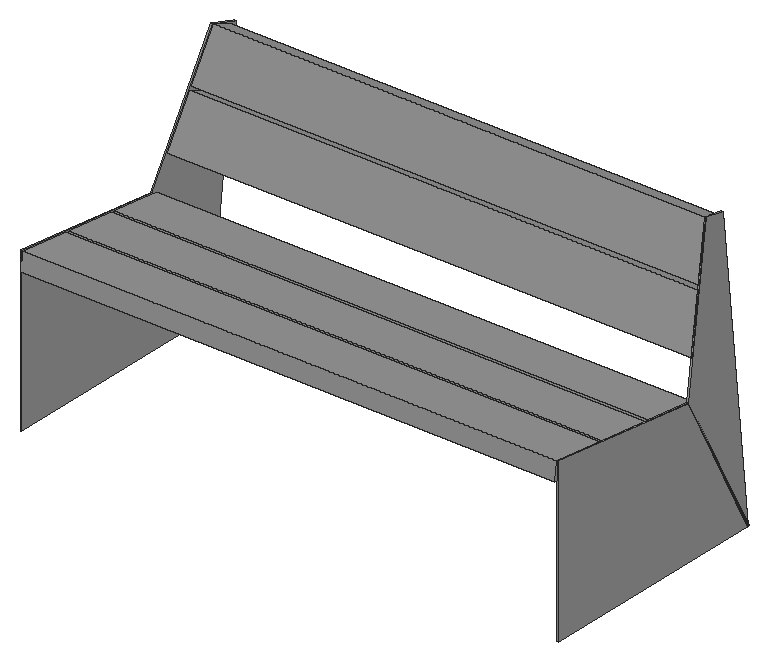
Revit family "Скамейка стальная «Монс» Арт 13872", category Антураж, Revit 2018
Family settings
  На основе рабочей плоскости = Нет
  Всегда вертикально = Да
  При загрузке вырезать с полостями = Нет
  Источник визуального образа = Геометрия семейства
  Общий = Нет
  Точка расчета площади = Нет
Parameters (values of type "Версия 1,5 м (со спинкой)")
  Ширина = if(or([Версия 0,6 м (кресло)], [Версия 1,5 м (со спинкой)], [Версия 1,8 м (со спинкой)]), 670 mm, 470 mm)  # 670 mm
  Цвет опоры = Сталь
  Цвет лавки = Дерево
  Описание = if([Версия 0,6 м (кресло)], "Скамейка стальная «Монс». Версия 0,6 м (кресло со спинкой)", if([Версия 1,5 м (со спинкой)], "Скамейка стальная «Монс». Версия 1,5 м (со спинкой)", if([Версия 1,8 м (со спинкой)], "Скамейка стальная «Монс». Версия 1,8 м (со спинкой)", if([Версия 1,5 м (без спинки)], "Скамейка стальная «Монс». Версия 1,5 м (без спинки)", "Скамейка стальная «Монс». Версия 1,8 м (без спинки)"))))  # "Скамейка стальная «Монс». Версия 1,5 м (со спинкой)"
  Материал изделия = "Сталь, дерево"  # constant formula
  Изображение типоразмера = Скамейка стальная «Монс» Арт 13872 со спинки.jpg
  Изготовитель = "ООО «Хоббика»"  # constant formula
  Длина = if([Версия 0,6 м (кресло)], 600 mm, if(or([Версия 1,5 м (со спинкой)], [Версия 1,5 м (без спинки)]), 1500 mm, 1800 mm))  # 1500 mm
  Группа модели = "Скамейки"  # constant formula
  Высота = if(or([Версия 0,6 м (кресло)], [Версия 1,5 м (со спинкой)], [Версия 1,8 м (со спинкой)]), 790 mm, 450 mm)  # 790 mm
  Версия 1,8 м (без спинки) = not(or([Версия 0,6 м (кресло)], [Версия 1,5 м (со спинкой)], [Версия 1,8 м (со спинкой)], [Версия 1,5 м (без спинки)]))  # no
  Версия 1,5 м (со спинкой) = yes
  Версия 1,8 м (со спинкой) = no
  Версия 1,5 м (без спинки) = no
  Версия 0,6 м (кресло) = no
  Артикул товара = "Арт. 13872"  # constant formula
  URL = "https://hobbyka.ru/product/skameyka_stalnaya_mons_/"
Types (6, lengths in mm): name | Ширина | Описание | Изображение типоразмера | Длина | Высота | Версия 1,8 м (без спинки) | Версия 1,5 м (со спинкой) | Версия 1,8 м (со спинкой) | Версия 1,5 м (без спинки) | Версия 0,6 м (кресло)
  (no name) | 670 | "Скамейка стальная «Монс». Версия 1,5 м (со спинкой)" | Скамейка стальная «Монс» Арт 13872 со спинки.jpg | 1500 | 790 | no | yes | no | no | no
  Версия 0,6 м (кресло со спинкой) | 670 | "Скамейка стальная «Монс». Версия 0,6 м (кресло со спинкой)" | Скамейка стальная «Монс» Арт 13872 со спинки.jpg | 600 | 790 | no | no | no | no | yes
  Версия 1,5 м (со спинкой) | 670 | "Скамейка стальная «Монс». Версия 1,5 м (со спинкой)" | Скамейка стальная «Монс» Арт 13872 со спинки.jpg | 1500 | 790 | no | yes | no | no | no
  Версия 1,8 м (со спинкой) | 670 | "Скамейка стальная «Монс». Версия 1,8 м (со спинкой)" | Скамейка стальная «Монс» Арт 13872 со спинки.jpg | 1800 | 790 | no | no | yes | no | no
  Версия 1,5 м (без спинки) | 470 | "Скамейка стальная «Монс». Версия 1,5 м (без спинки)" | Скамейка стальная «Монс» Арт 13872 без спинки.jpg | 1500 | 450 | no | no | no | yes | no
  Версия 1,8 м (без спинки) | 470 | "Скамейка стальная «Монс». Версия 1,8 м (без спинки)" | Скамейка стальная «Монс» Арт 13872 без спинки.jpg | 1800 | 450 | yes | no | no | no | no
Reference planes
  plane 1 "По центру (Вперед/Назад)": y = 0
  plane 2: z = 0
  plane 3 "По центру (Влево/Вправо)": x = 0
  plane 4: y = 670
  plane 5: x = 1500
Dimensions and locks
  "Длина": plane 3 "По центру (Влево/Вправо)" to plane 5
  "Ширина": plane 4 to plane 1 "По центру (Вперед/Назад)"
  aligned and locked: level to plane 2
Nested families
  nested 1: "Скамейка стальная «Монс» Арт 13872 со спинки" at (0, 0, 0), visible <- "Версия 1,5 м (со спинкой)", type "Версия 1,5 м с"
  nested 2: "Скамейка стальная «Монс» Арт 13872 со спинки" at (0, 0, 0), visible <- "Версия 0,6 м (кресло)", type "Версия 0,6 м (кресло)"
  nested 3: "Скамейка стальная «Монс» Арт 13872 со спинки" at (0, 0, 0), visible <- "Версия 1,8 м (со спинкой)", type "Версия 1,8 м с"
  nested 4: "Скамейка стальная «Монс» Арт 13872 без спинки" at (0, 0, 0), visible <- "Версия 1,5 м (без спинки)", type "Версия 1,5 м бс"
  nested 5: "Скамейка стальная «Монс» Арт 13872 без спинки" at (0, 0, 0), visible <- "Версия 1,8 м (без спинки)", type "Версия 1,8 м бс"
Definition of nested family "Скамейка стальная «Монс» Арт 13872 со спинки"
  Parameters (values of type "Версия 0,6 м (кресло)")
    Ширина = 670 mm  # constant formula
    Цвет опоры = none
    Цвет лавки = none
    Длина = if([Версия 0,6 м (кресло)], 600 mm, if([Версия 1,5 м с], 1500 mm, 1800 mm))  # 600 mm
    Height = 790 mm  # constant formula
    Версия 1,8 м с = not(or([Версия 0,6 м (кресло)], [Версия 1,5 м с]))  # no
    Версия 1,5 м с = no
    Версия 0,6 м (кресло) = yes
  Types (4, lengths in mm): name | Длина | Версия 1,8 м с | Версия 1,5 м с | Версия 0,6 м (кресло)
    (no name) | 600 | no | no | yes
    Версия 1,5 м с | 1500 | no | yes | no
    Версия 1,8 м с | 1800 | yes | no | no
    Версия 0,6 м (кресло) | 600 | no | no | yes
  Reference planes
    plane 1 "По центру (Вперед/Назад)": y = 0
    plane 2: z = 0
    plane 3 "По центру (Влево/Вправо)": x = 0
    plane 4: x = 600
    plane 5: y = 670
    plane 6: z = 790
  Forms (mm)
    Extrusion 1, solid, material <- "Цвет лавки"
      sketch origin (0, -54.118, 3.266) x (1, 0, 0) y (0, 0.992742, -0.120262)
        loop
          line (5, 0) -> (595, 0) -> (595, 150) -> (5, 150) -> (5, 0)
        loop
          line (5, 160) -> (595, 160) -> (595, 310) -> (5, 310) -> (5, 160)
        loop
          line (5, 320) -> (595, 320) -> (595, 470) -> (5, 470) -> (5, 320)
      from 400 to 450
    Extrusion 2, solid, material <- "Цвет лавки"
      sketch origin (0, 855.92, 185.335) x (1, 0, 0) y (0, 0.336422, 0.941711)
        loop
          line (5, 160) -> (595, 160) -> (595, 310) -> (5, 310) -> (5, 160)
        loop
          line (5, 320) -> (595, 320) -> (595, 470) -> (5, 470) -> (5, 320)
      from 400 to 450
    Extrusion 3, void
      sketch origin (74.208, 655.987, 759.777) x (-0.143594, -0.951251, 0.27295) y (-0.132265, -0.254887, -0.957882)
        loop
          line (10.731, 0) -> (91.557, 0) -> (117.507, 311.712) -> (31.065, 318.909) -> (10.731, 0)
      from 0 to -250
    Extrusion 4, void
      sketch origin (525.792, 655.987, 759.777) x (0.132265, -0.254887, -0.957882) y (0.143594, -0.951251, 0.27295)
        loop
          line (-50.898, -154.707) -> (346.227, -129.387) -> (324.824, 127.7) -> (-50.898, 96.42) -> (-50.898, -154.707)
      from 0 to -94.453
  Cuts and joins
    Extrusion 3, Extrusion 4 cuts Extrusion 2
  Dimensions and locks
    "Длина": plane 3 "По центру (Влево/Вправо)" to plane 4
    "Ширина": plane 5 to plane 1 "По центру (Вперед/Назад)"
    "Height": plane 6 to plane 2
    aligned and locked: level to plane 2
    aligned and locked: plane 3 "По центру (Влево/Вправо)" to nested 1
    aligned and locked: plane 4 to nested 2
  Automatic sketch dimensions
    plane 3 "По центру (Влево/Вправо)" to Extrusion 1 sketch curve = 5 mm  (x3)
    Extrusion 1 sketch curve to plane 4 = 5 mm  (x3)
    Extrusion 1 sketch curve to Extrusion 1 sketch curve = 150 mm  (x3)
    Extrusion 1 sketch curve to Extrusion 1 sketch curve = 10 mm  (x2)
    plane 3 "По центру (Влево/Вправо)" to Extrusion 2 sketch curve = 5 mm  (x2)
    Extrusion 2 sketch curve to plane 4 = 5 mm  (x2)
    Extrusion 2 sketch curve to Extrusion 2 sketch curve = 150 mm  (x2)
    Extrusion 2 sketch curve to Extrusion 2 sketch curve = 10 mm
    Extrusion 3 sketch curve to nested 1 = 0 mm
    Extrusion 3 sketch curve to nested 1 = 10.366 mm
    Extrusion 3 sketch curve to nested 1 = 318.909 mm
    Extrusion 3 sketch curve to Extrusion 3 sketch curve = 20.333 mm
    Extrusion 3 sketch curve to Extrusion 3 sketch curve = 80.825 mm
    Extrusion 3 sketch curve to nested 1 = 311.712 mm
    nested 2 to Extrusion 4 sketch curve = 50.898 mm
    Extrusion 4 sketch curve to nested 2 = 324.824 mm
    Extrusion 4 sketch curve to Extrusion 4 sketch curve = 21.403 mm
    nested 2 to Extrusion 4 sketch curve = 162.609 mm
    Extrusion 4 sketch curve to Extrusion 4 sketch curve = 25.32 mm
    Extrusion 4 sketch curve to Extrusion 4 sketch curve = 251.127 mm
  Nested families
    nested 1: "Скамейка стальная «Монс» Арт 13872 опора со спинкой" at (0, 0, 0), type "Скамейка стальная «Монс» Арт 13872 опора со спинкой"
    nested 2: "Скамейка стальная «Монс» Арт 13872 опора со спинкой" at (600, 0, 0) x (-1, 0, 0) z (0, 0, 1), type "Скамейка стальная «Монс» Арт 13872 опора со спинкой"
  Definition of nested family "Скамейка стальная «Монс» Арт 13872 опора со спинкой"
    Parameters (values of type "Скамейка стальная «Монс» Арт 13872 опора со спинкой")
      Цвет опоры = none
      Height = 0 mm
    Reference planes
      plane 1 "По центру (Вперед/Назад)": y = 0
      plane 2: z = 0
      plane 3 "По центру (Влево/Вправо)": x = 0
    Forms (mm)
      Extrusion 1, solid, material <- "Цвет опоры"
        sketch origin (0, 0, 0) x (1, 0, 0) y (0, 1, 0)
          loop
            line (0, 660) -> (0, 0) -> (5, 0) -> (5, 660) -> (0, 660)
        from 0 to 450
      Extrusion 2, void
        sketch origin (0, 0, 0) x (0, 1, 0) y (0, 0, 1)
          loop
            line (0, 450) -> (453.012, 395.122) -> (660, 0) -> (660, 450) -> (0, 450)
        from 0 to 5
      Extrusion 3, solid, material <- "Цвет опоры"
        sketch origin (-114.137, 6.882, 8.751) x (0.172934, 0.984808, -0.015731) y (0.090593, 0, 0.995888)
          loop
            line (660, 0) -> (660, 765) -> (592.385, 783.117) -> (453.012, 395.122) -> (660, 0)
        from 0 to 5
    Cuts and joins
      Extrusion 2 cuts Extrusion 1
    Dimensions and locks
      aligned and locked: level to plane 2
Definition of nested family "Скамейка стальная «Монс» Арт 13872 без спинки"
  Parameters (values of type "Версия 1,8 м бс")
    Ширина = 470 mm  # constant formula
    Цвет опоры = none
    Цвет лавки = none
    Длина = if([Версия 1,5 м бс], 1500 mm, 1800 mm)  # 1800 mm
    Height = 450 mm  # constant formula
    Версия 1,8 м бс = not([Версия 1,5 м бс])  # yes
    Версия 1,5 м бс = no
  Types (3, lengths in mm): name | Длина | Версия 1,8 м бс | Версия 1,5 м бс
    (no name) | 1800 | yes | no
    Версия 1,5 м бс | 1500 | no | yes
    Версия 1,8 м бс | 1800 | yes | no
  Reference planes
    plane 1 "По центру (Вперед/Назад)": y = 0
    plane 2: z = 0
    plane 3 "По центру (Влево/Вправо)": x = 0
    plane 4: x = 1800
    plane 5: y = 470
    plane 6: z = 450
  Forms (mm)
    Extrusion 1, solid, material <- "Цвет лавки"
      sketch origin (0, 0, 0) x (1, 0, 0) y (0, 1, 0)
        loop
          line (5, 0) -> (1795, 0) -> (1795, 150) -> (5, 150) -> (5, 0)
        loop
          line (5, 160) -> (1795, 160) -> (1795, 310) -> (5, 310) -> (5, 160)
        loop
          line (5, 320) -> (1795, 320) -> (1795, 470) -> (5, 470) -> (5, 320)
      from 400 to 450
    Extrusion 2, void
      sketch origin (0, 0, 0) x (1, 0, 0) y (0, 1, 0)
        loop
          line (4.818, 233.714) -> (46.481, 470) -> (0, 470) -> (0, 233.714) -> (4.818, 233.714)
      from 461.19 to 388.501
    Extrusion 3, void
      sketch origin (1500, 0, 0) x (-1, 0, 0) y (0, -1, 0)
        loop
          line (-295.182, -233.714) -> (-300, -233.714) -> (-300, -470) -> (-253.519, -470) -> (-295.182, -233.714)
      from 461.19 to 388.501
  Cuts and joins
    Extrusion 2, Extrusion 3 cuts Extrusion 1
  Dimensions and locks
    "Длина": plane 3 "По центру (Влево/Вправо)" to plane 4
    "Ширина": plane 5 to plane 1 "По центру (Вперед/Назад)"
    "Height": plane 6 to plane 2
    aligned and locked: level to plane 2
    aligned and locked: plane 3 "По центру (Влево/Вправо)" to nested 1
    aligned and locked: plane 4 to nested 2
  Automatic sketch dimensions
    plane 1 "По центру (Вперед/Назад)" to Extrusion 1 sketch curve = 0 mm
    Extrusion 1 sketch curve to plane 5 = 0 mm
    plane 3 "По центру (Влево/Вправо)" to Extrusion 1 sketch curve = 5 mm  (x3)
    Extrusion 1 sketch curve to plane 4 = 5 mm  (x3)
    Extrusion 1 sketch curve to plane 1 "По центру (Вперед/Назад)" = 150 mm
    Extrusion 1 sketch curve to Extrusion 1 sketch curve = 10 mm  (x2)
    Extrusion 1 sketch curve to Extrusion 1 sketch curve = 150 mm
    Extrusion 2 sketch curve to plane 3 "По центру (Влево/Вправо)" = 0 mm
    Extrusion 2 sketch curve to plane 5 = 0 mm
    Extrusion 2 sketch curve to Extrusion 2 sketch curve = 4.818 mm
    Extrusion 2 sketch curve to Extrusion 2 sketch curve = 46.481 mm
    Extrusion 2 sketch curve to plane 1 "По центру (Вперед/Назад)" = 233.714 mm
    Extrusion 3 sketch curve to plane 4 = 0 mm
    Extrusion 3 sketch curve to plane 5 = 0 mm
    plane 4 to Extrusion 3 sketch curve = 4.818 mm
    plane 4 to Extrusion 3 sketch curve = 46.481 mm
    plane 1 "По центру (Вперед/Назад)" to Extrusion 3 sketch curve = 233.714 mm
  Nested families
    nested 1: "Скамейка стальная «Монс» Арт 13872 опора без спинки" at (0, 0, 0), type "Скамейка стальная «Монс» Арт 13872 опора без спинки"
    nested 2: "Скамейка стальная «Монс» Арт 13872 опора без спинки" at (1800, 0, 0) x (-1, 0, 0) z (0, 0, 1), type "Скамейка стальная «Монс» Арт 13872 опора без спинки"
  Definition of nested family "Скамейка стальная «Монс» Арт 13872 опора без спинки"
    Parameters (values of type "Скамейка стальная «Монс» Арт 13872 опора без спинки")
      Цвет опоры = none
      Height = 0 mm
    Reference planes
      plane 1 "По центру (Вперед/Назад)": y = 0
      plane 2: z = 0
      plane 3 "По центру (Влево/Вправо)": x = 0
      plane 4: y = 470
    Forms (mm)
      Extrusion 1, solid, material <- "Цвет опоры"
        sketch origin (0, -190, 0) x (1, 0, 0) y (0, 1, 0)
          loop
            line (0, 660) -> (0, 190) -> (5, 190) -> (5, 660) -> (0, 660)
        from 0 to 450
      Extrusion 2, void
        sketch origin (0, -190, 0) x (0, 1, 0) y (0, 0, 1)
          loop
            line (413.786, 470) -> (660, 0) -> (660, 470) -> (413.786, 470)
        from 0 to 5
      Extrusion 3, solid, material <- "Цвет опоры"
        sketch origin (-114.137, -183.118, 8.751) x (0.172934, 0.984808, -0.015731) y (0.090593, 0, 0.995888)
          loop
            line (660, 0) -> (660, 450.227) -> (424.144, 450.227) -> (660, 0)
        from 0 to 5
    Cuts and joins
      Extrusion 2 cuts Extrusion 1
    Dimensions and locks
      aligned and locked: level to plane 2
